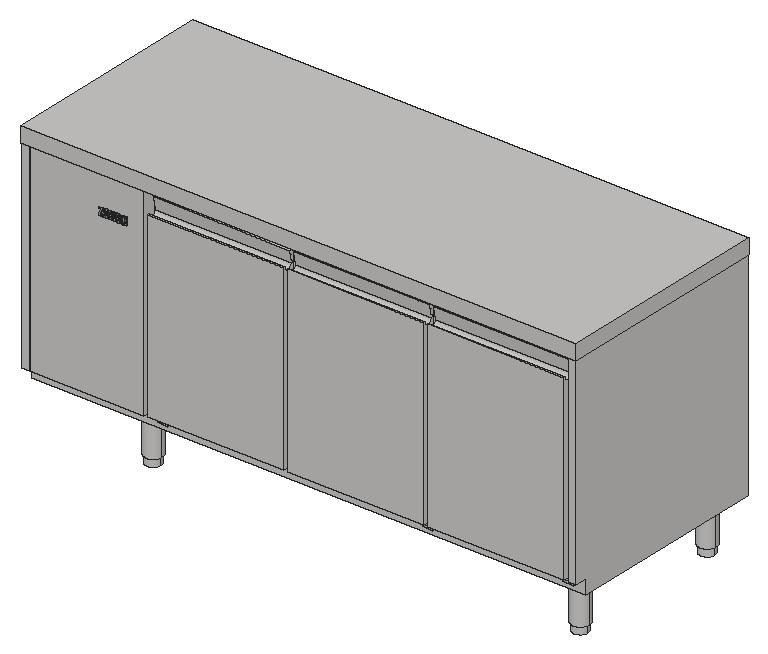
Revit family "QF_ZANUSSI_111037_ZH3HBAAA", category Specialty Equipment, Revit 2018
Family settings
  Round Connector Dimension = Use Diameter
  Part Type = Normal
  Work Plane-Based = No
  Always vertical = Yes
  Cut with Voids When Loaded = No
  Shared = No
  Room Calculation Point = No
Parameters
  Weight = 0.00 kg
  Watts = 0.0232258 W
  Volts = 220 V
  URL Manufacturer = "http://www.zanussiprofessional.com/"
  URL = "http://www.zanussiprofessional.com/"
  Steam Supply Size = 0 mm
  Steam Supply Minimum Pressure = 0.0 Pa
  Steam Supply Maximum Pressure = 0.0 Pa
  Steam Pounds per Hour = 0
  Show Logo [instance] = yes
  Show Clearance [instance] = yes
  Refrigeration Suction Line Size = 0 mm
  Refrigeration Liquid Line Size = 0 mm
  Refrigerant Compressor Remote = yes
  Manufacturer = "Zanussi"
  Phase = 1
  Model = "ZH3HBAAA"
  Length Actual = 1799 mm  # constant formula
  Item Number = "111037"
  Hot Water Size = 0 mm
  Height Actual = 900 mm  # constant formula
  HP = "0.3 HP"
  Gas Size = 0 mm
  Gas KW = 0
  Gas Input Pressure = 0 W
  Description = "3 DOORS REFRIGERATED TABLE 440L"
  Depth Actual = 700 mm  # constant formula
  Cycle = 50 Hz
  Condensate Return Size = 0 mm
  Compressed Air Volume = 0.0 L/s
  Compressed Air Size = 0 mm
  Compressed Air Pressure = 0.0 Pa
  Cold Water Size = 0 mm
  Accessory = yes
Reference planes
  plane 1 "Center X": y = 182.5
  plane 2: z = 0
  plane 3 "Center Y": x = -353.5
  plane 4: y = -62.5
  plane 5: y = 451.5
  plane 6 "BACK": y = 532.5
  plane 7 "FRONT": y = -167.5
  plane 8: x = -906
  plane 9: x = 478
  plane 10: z = 150
  plane 11 "TOP": z = 900
  plane 12: z = 850
  plane 13 "LEFT": x = -1251
  plane 14 "RIGHT": x = 544
  plane 15: x = -1253
  plane 16: x = 546
Forms (mm)
  Extrusion 1, solid, material "QF_Finishes_Stainless Steel"
    sketch origin (-353.5, 2, 0) x (0, 1, 0) y (0, 0, 1)
      loop
        line (530.5, 150) -> (530.5, 850) -> (-124.5, 850) -> (-124.5, 150) -> (530.5, 150)
    from -897.5 to 897.5
  Extrusion 2, solid, material "QF_Finishes_Stainless Steel"
    sketch origin (-1022.223, -1524, 150) x (-1, 0, 0) y (0, -1, 0)
      loop
        line (228.777, -1361.5) -> (203.777, -1361.5) -> (203.777, -1401.5) -> (228.777, -1401.5) -> (228.777, -1361.5)
      loop
        line (-1566.223, -1401.5) -> (-1541.223, -1401.5) -> (-1541.223, -1361.5) -> (-1566.223, -1361.5) -> (-1566.223, -1401.5)
    from 47 to 700
  Extrusion 3, solid, material "QF_Finishes_Stainless Steel"
    sketch origin (0, 0, 900) x (-1, 0, 0) y (0, -1, 0)
      loop
        circle (170, -94.5) r 8.45
    from -790.577 to -750
  Extrusion 4, solid, material "QF_Finishes_Stainless Steel"
    sketch origin (0, 0, 0) x (1, 0, 0) y (0, 1, 0)
      loop
        circle (-1167, 451.5) r 4
    from 109.423 to 150
  Extrusion 5, solid, material "QF_Finishes_Stainless Steel"
    sketch origin (-126.5, 0, 0) x (0, 1, 0) y (0, 0, 1)
      loop
        line (-167.5, 900) -> (-167.5, 850) -> (532.5, 850) -> (532.5, 900) -> (-167.5, 900)
    from 672.5 to -1126.5
Cuts and joins
  joined: Extrusion 1, Extrusion 2
Lines and regions (mm)
  symbolic lines, style "SpecialityEquipmentHiddenLines"
    curve 1: line (-1253, -122.5, 900) -> (546, -122.5, 900)
    curve 2: line (-850, -167.5, 900) -> (-850, -122.5, 900)
  symbolic lines, style "SpecialityEquipment"
    curve 3: line (-1253, 532.5, 900) -> (546, 532.5, 900)
    curve 4: line (-1253, 532.5, 900) -> (-1253, -167.5, 900)
    curve 5: line (-1253, -167.5, 900) -> (546, -167.5, 900)
    curve 6: line (546, -167.5, 900) -> (546, 532.5, 900)
Dimensions and locks
  locked: plane 6 "BACK" to plane 7 "FRONT" at 700
  equal spacing: plane 6 "BACK", plane 1 "Center X", plane 7 "FRONT"
  locked: plane 6 "BACK" to plane 5 at 81
  plane 10 to level = 150 mm
  plane 11 "TOP" to plane 12 to plane 10 = 50 mm locked, 700 mm locked
  locked: Extrusion 2 sketch curve to Extrusion 2 sketch curve at 25  (x2)
  locked: plane 4 to plane 7 "FRONT" at 105
  locked: plane 6 "BACK" to Extrusion 3 sketch curve at 438
  equal spacing: plane 13 "LEFT", plane 3 "Center Y", plane 14 "RIGHT"
  plane 15 to plane 16 = 1799 mm
  locked: plane 13 "LEFT" to plane 8 at 345
  locked: plane 9 to plane 14 "RIGHT" at 66
  Extrusion 3 sketch curve to plane 14 "RIGHT" = 714 mm
  plane 13 "LEFT" to Extrusion 4 sketch curve = 84 mm
  locked: plane 6 "BACK" to Extrusion 4 sketch curve at 81
  locked: plane 10 to Extrusion 4 at 40.577
  aligned and locked: level to plane 2
  aligned and locked: plane 10 to Extrusion 3
  aligned and locked: nested 4 to plane 4
  aligned and locked: nested 1 to plane 4
  aligned and locked: nested 3 to plane 5
  aligned and locked: nested 2 to plane 5
  aligned and locked: plane 8 to nested 1
  aligned and locked: plane 8 to nested 2
  aligned and locked: plane 9 to nested 4
  aligned and locked: plane 9 to nested 3
  aligned and locked: Extrusion 1 to Extrusion 2
  aligned and locked: Extrusion 2 to Extrusion 1
  aligned and locked: Extrusion 2 sketch curve to plane 14 "RIGHT"
  aligned and locked: plane 13 "LEFT" to Extrusion 2 sketch curve
  aligned and locked: cut or joined group of Extrusion 1, Extrusion 2 to plane 10
  aligned and locked: plane 12 to cut or joined group of Extrusion 1, Extrusion 2
  aligned and locked: plane 10 to Extrusion 4
Automatic sketch dimensions
  plane 7 "FRONT" to Extrusion 2 sketch curve = 45 mm  (x2)
  plane 7 "FRONT" to Extrusion 2 sketch curve = 5 mm  (x2)
  Extrusion 1 sketch curve to plane 10 = 0 mm
  Extrusion 1 sketch curve to plane 12 = 0 mm
  Extrusion 1 sketch curve to plane 6 "BACK" = 0 mm
  plane 7 "FRONT" to Extrusion 1 sketch curve = 45 mm
  Extrusion 5 sketch curve to plane 7 "FRONT" = 0 mm
  Extrusion 5 sketch curve to plane 6 "BACK" = 0 mm
  Extrusion 5 sketch curve to plane 12 = 0 mm
  Extrusion 5 sketch curve to plane 11 "TOP" = 0 mm
  curve 6 to plane 6 "BACK" = 0 mm
  curve 6 to plane 16 = 0 mm
  curve 2 to plane 7 "FRONT" = 0 mm
  curve 5 to plane 15 = 0 mm
  plane 8 to curve 2 = 56 mm
  curve 1 to curve 4 = 45 mm
  radius of Extrusion 3 sketch curve = 8.45 mm
  radius of Extrusion 4 sketch curve = 4 mm
Nested families
  nested 1: "Foot_Ø50_H150" at (-906, -62.5, 0), type "Foot_Ø50_H150"
  nested 2: "Foot_Ø50_H150" at (-906, 451.5, 0), type "Foot_Ø50_H150"
  nested 3: "Foot_Ø50_H150" at (478, 451.5, 0), type "Foot_Ø50_H150"
  nested 4: "Foot_Ø50_H150" at (478, -62.5, 0), type "Foot_Ø50_H150"
  nested 5: "Door" at (285, -164.5, 0), Show Clearance <- "Show Clearance", type "Door"
  nested 6: "Door" at (-169, -164.5, 0), Show Clearance <- "Show Clearance", type "Door"
  nested 7: "Refrigerator" at (544, -167.5, 900), type "Refrigerator"
  nested 8: "ZAN_Cooling Unit" at (-1041.5, -164.5, 0), Show Logo <- "Show Logo", type "ZAN_Cooling Unit"
  nested 9: "Door" at (-623, -164.5, 0) x (-1, 0, 0) z (0, 0, 1), Show Clearance <- "Show Clearance", type "Door"
Connectors
  electrical at (-1167, 451.5, 109.423), driven by "Volts"
    settings: on Extrusion 4, index 4, voltage 220 V, apparent load 0 VA, apparent load phase1 0 VA, apparent load phase2 0 VA, apparent load phase3 0 VA, power factor 1, load classification "Altro", number of poles 1, system type 30, power factor state 1, is connector primary yes, connector utility no, sub classification motor no, connector description "Electrical Connection"
  piping at (-170, 94.5, 109.423), diameter 17
    settings: on Extrusion 3, index 5, connector inside diameter 609.6 mm, connector length 0 mm, flow factor 0, pipe flow 0.0 L/s, pressure drop 0.0 Pa, fitting loss kfactor 0, connector angle 0.00°, fixture units 0, engagement length 0 mm, angle of deflection 0.00°, flow configuration 1, flow direction 2, fitting loss method 0, system type 16, joint type 0, gender type 0, connector reference index -1, connector utility 0, adjustable connector no, is connector primary yes, connector description "Drain"
Definition of nested family "Foot_Ø50_H150"
  Reference planes
    plane 1 "Centro (Fronte/Retro)": y = 0
    plane 2: z = 0
    plane 3 "Centro (Sinistra/Destra)": x = 0
    plane 4: z = 150
  Forms (mm)
    Revolve 1, solid
      sketch origin (255.05, 0, 608.09) x (0, 0, 1) y (-1, 0, 0)
        loop
          line (-608.09, 255.05) -> (-608.09, 230.05) -> (-583.09, 230.05) -> (-583.09, 226.05) -> (-458.09, 226.05) -> (-458.09, 255.05) -> (-608.09, 255.05)
        axis (-608.09, 255.05) -> (-458.09, 255.05)
      angle from 0 to 360
  Dimensions and locks
    locked: Revolve 1 sketch curve to Revolve 1 sketch curve at 125
    aligned and locked: level to plane 2
    aligned and locked: plane 4 to Revolve 1 sketch curve
    aligned and locked: Revolve 1 sketch curve to level
    aligned and locked: plane 3 "Centro (Sinistra/Destra)" to Revolve 1 sketch curve
Definition of nested family "Door"
  Parameters
    Show Clearance [instance] = yes
  Reference planes
    plane 1 "FRONT": y = -3
    plane 2: z = 0
    plane 3 "Centro (Sinistra/Destra)": x = 0
    plane 4: z = 150
    plane 5: z = 850
    plane 6: x = -234
    plane 7: x = 234
    plane 8: x = -220
    plane 9: x = 220
  Forms (mm)
    Extrusion 1, solid
      sketch origin (0, 53, 511) x (0, 0, 1) y (0, -1, 0)
        loop
          line (-323.003, 28.5) -> (-316.501, 28.5) -> (-316.501, 31) -> (-325.503, 31) -> (-325.503, 13.5) -> (-345.503, 13.5) -> (-345.503, 11) -> (-323.003, 11) -> (-323.003, 23.259) -> (-323.003, 28.5)
        loop
          line (-314, 27) -> (-316.501, 27) -> (-316.501, 18.501) -> (-319.752, 18.501) -> (-319.752, 16) -> (-314, 16) -> (-314, 27)
        loop
          line (315.003, 27) -> (315.003, 13.948) -> (315.003, 11) -> (327.503, 11) -> (327.503, 13.5) -> (317.503, 13.5) -> (317.503, 27) -> (315.003, 27)
      from 185 to 220
    Extrusion 2, solid, visible <- "Show Clearance", detail levels coarse
      sketch origin (0, 53, 511) x (0, -1, 0) y (1, 0, 0)
        loop
          line (51, 220) -> (51, -220)
          arc (51, -220) -> (339.234, -79.44) -> (454, 220) r 437.168
          line (454, 220) -> (51, 220)
      from -314 to 314
    Extrusion 3, solid
      sketch origin (0, 55, 511) x (0, 0, 1) y (0, -1, 0)
        loop
          line (314, 18) -> (314, 29) -> (274.395, 22.5)
          arc (274.395, 22.5) -> (260.395, 36.5) -> (274.395, 50.5) r 14
          line (274.395, 50.5) -> (274.395, 53) -> (-314, 53) -> (-314, 18) -> (314, 18)
      from -220 to 220
  Lines and regions (mm)
    symbolic lines
      curve 1: line (220, -3, 0) -> (220, -401, 0)
      curve 2: line (220, -401, 0) -> (185, -401, 0)
      curve 3: line (185, -401, 0) -> (185, -3, 0)
      curve 4: arc (-219.722, -3, 0) -> (-89.51, -275.368, 0) -> (185, -401, 0) r 442.855
  Dimensions and locks
    aligned and locked: level to plane 2
Definition of nested family "ZAN_Cooling Unit"
  Parameters
    Show Logo [instance] = yes
  Reference planes
    plane 1 "FRONT": y = -3
    plane 2: z = 0
    plane 3 "Centro (Sinistra/Destra)": x = 0
    plane 4: z = 150
    plane 5: z = 850
    plane 6: x = -184.5
    plane 7: x = 184.5
  Forms (mm)
    Extrusion 1, solid
      sketch origin (0, 55, 511) x (0, 0, 1) y (0, -1, 0)
        loop
          line (-314, 53) -> (-314, 13) -> (339, 13) -> (339, 53) -> (-314, 53)
      from -184.5 to 184.5
  Lines and regions (mm)
    Split face 1
      outline origin (0, 2, 197) x (0, 0, 1) y (-1, 0, 0)
        loop
          line (566.835, 184.5) -> (566.835, -184.5)
        loop
          line (521.835, 184.5) -> (521.835, -184.5)
    Split face 2
      outline origin (0, 2, 197) x (0, 0, 1) y (-1, 0, 0)
        loop
          arc (510.649, 158.547) -> (506.648, 162.548) -> (502.647, 158.547) r 4.001
          line (502.647, 158.547) -> (502.647, 116.535)
          arc (502.647, 116.535) -> (506.648, 112.533) -> (510.649, 116.535) r 4.001
          line (510.649, 116.535) -> (510.649, 158.547)
    Split face 3
      outline origin (0, 2, 184.996) x (0, 0, 1) y (-1, 0, 0)
        loop
          arc (510.649, 158.547) -> (506.648, 162.548) -> (502.647, 158.547) r 4.001
          line (502.647, 158.547) -> (502.647, 116.535)
          arc (502.647, 116.535) -> (506.648, 112.533) -> (510.649, 116.535) r 4.001
          line (510.649, 116.535) -> (510.649, 158.547)
    Split face 4
      outline origin (0, 2, 172.993) x (0, 0, 1) y (-1, 0, 0)
        loop
          arc (510.649, 158.547) -> (506.648, 162.548) -> (502.647, 158.547) r 4.001
          line (502.647, 158.547) -> (502.647, 116.535)
          arc (502.647, 116.535) -> (506.648, 112.533) -> (510.649, 116.535) r 4.001
          line (510.649, 116.535) -> (510.649, 158.547)
    Split face 5
      outline origin (0, 2, 160.989) x (0, 0, 1) y (-1, 0, 0)
        loop
          arc (510.649, 158.547) -> (506.648, 162.548) -> (502.647, 158.547) r 4.001
          line (502.647, 158.547) -> (502.647, 116.535)
          arc (502.647, 116.535) -> (506.648, 112.533) -> (510.649, 116.535) r 4.001
          line (510.649, 116.535) -> (510.649, 158.547)
    Split face 6
      outline origin (0, 2, 148.986) x (0, 0, 1) y (-1, 0, 0)
        loop
          arc (510.649, 158.547) -> (506.648, 162.548) -> (502.647, 158.547) r 4.001
          line (502.647, 158.547) -> (502.647, 116.535)
          arc (502.647, 116.535) -> (506.648, 112.533) -> (510.649, 116.535) r 4.001
          line (510.649, 116.535) -> (510.649, 158.547)
    Split face 7
      outline origin (0, 2, 136.982) x (0, 0, 1) y (-1, 0, 0)
        loop
          arc (510.649, 158.547) -> (506.648, 162.548) -> (502.647, 158.547) r 4.001
          line (502.647, 158.547) -> (502.647, 116.535)
          arc (502.647, 116.535) -> (506.648, 112.533) -> (510.649, 116.535) r 4.001
          line (510.649, 116.535) -> (510.649, 158.547)
    Split face 8
      outline origin (0, 2, 124.979) x (0, 0, 1) y (-1, 0, 0)
        loop
          arc (510.649, 158.547) -> (506.648, 162.548) -> (502.647, 158.547) r 4.001
          line (502.647, 158.547) -> (502.647, 116.535)
          arc (502.647, 116.535) -> (506.648, 112.533) -> (510.649, 116.535) r 4.001
          line (510.649, 116.535) -> (510.649, 158.547)
    Split face 9
      outline origin (0, 2, 112.975) x (0, 0, 1) y (-1, 0, 0)
        loop
          arc (510.649, 158.547) -> (506.648, 162.548) -> (502.647, 158.547) r 4.001
          line (502.647, 158.547) -> (502.647, 116.535)
          arc (502.647, 116.535) -> (506.648, 112.533) -> (510.649, 116.535) r 4.001
          line (510.649, 116.535) -> (510.649, 158.547)
    Split face 10
      outline origin (0, 2, 100.972) x (0, 0, 1) y (-1, 0, 0)
        loop
          arc (510.649, 158.547) -> (506.648, 162.548) -> (502.647, 158.547) r 4.001
          line (502.647, 158.547) -> (502.647, 116.535)
          arc (502.647, 116.535) -> (506.648, 112.533) -> (510.649, 116.535) r 4.001
          line (510.649, 116.535) -> (510.649, 158.547)
    Split face 11
      outline origin (0, 2, 88.968) x (0, 0, 1) y (-1, 0, 0)
        loop
          arc (510.649, 158.547) -> (506.648, 162.548) -> (502.647, 158.547) r 4.001
          line (502.647, 158.547) -> (502.647, 116.535)
          arc (502.647, 116.535) -> (506.648, 112.533) -> (510.649, 116.535) r 4.001
          line (510.649, 116.535) -> (510.649, 158.547)
    Split face 12
      outline origin (0, 2, 76.965) x (0, 0, 1) y (-1, 0, 0)
        loop
          arc (510.649, 158.547) -> (506.648, 162.548) -> (502.647, 158.547) r 4.001
          line (502.647, 158.547) -> (502.647, 116.535)
          arc (502.647, 116.535) -> (506.648, 112.533) -> (510.649, 116.535) r 4.001
          line (510.649, 116.535) -> (510.649, 158.547)
    Split face 13
      outline origin (0, 2, 64.961) x (0, 0, 1) y (-1, 0, 0)
        loop
          arc (510.649, 158.547) -> (506.648, 162.548) -> (502.647, 158.547) r 4.001
          line (502.647, 158.547) -> (502.647, 116.535)
          arc (502.647, 116.535) -> (506.648, 112.533) -> (510.649, 116.535) r 4.001
          line (510.649, 116.535) -> (510.649, 158.547)
    Split face 14
      outline origin (0, 2, 52.958) x (0, 0, 1) y (-1, 0, 0)
        loop
          arc (510.649, 158.547) -> (506.648, 162.548) -> (502.647, 158.547) r 4.001
          line (502.647, 158.547) -> (502.647, 116.535)
          arc (502.647, 116.535) -> (506.648, 112.533) -> (510.649, 116.535) r 4.001
          line (510.649, 116.535) -> (510.649, 158.547)
    Split face 15
      outline origin (0, 2, 40.954) x (0, 0, 1) y (-1, 0, 0)
        loop
          arc (510.649, 158.547) -> (506.648, 162.548) -> (502.647, 158.547) r 4.001
          line (502.647, 158.547) -> (502.647, 116.535)
          arc (502.647, 116.535) -> (506.648, 112.533) -> (510.649, 116.535) r 4.001
          line (510.649, 116.535) -> (510.649, 158.547)
    Split face 16
      outline origin (0, 2, 28.951) x (0, 0, 1) y (-1, 0, 0)
        loop
          arc (510.649, 158.547) -> (506.648, 162.548) -> (502.647, 158.547) r 4.001
          line (502.647, 158.547) -> (502.647, 116.535)
          arc (502.647, 116.535) -> (506.648, 112.533) -> (510.649, 116.535) r 4.001
          line (510.649, 116.535) -> (510.649, 158.547)
    Split face 17
      outline origin (0, 2, 16.947) x (0, 0, 1) y (-1, 0, 0)
        loop
          arc (510.649, 158.547) -> (506.648, 162.548) -> (502.647, 158.547) r 4.001
          line (502.647, 158.547) -> (502.647, 116.535)
          arc (502.647, 116.535) -> (506.648, 112.533) -> (510.649, 116.535) r 4.001
          line (510.649, 116.535) -> (510.649, 158.547)
    Split face 18
      outline origin (55.016, 2, 197) x (0, 0, 1) y (-1, 0, 0)
        loop
          arc (510.649, 158.547) -> (506.648, 162.548) -> (502.647, 158.547) r 4.001
          line (502.647, 158.547) -> (502.647, 116.535)
          arc (502.647, 116.535) -> (506.648, 112.533) -> (510.649, 116.535) r 4.001
          line (510.649, 116.535) -> (510.649, 158.547)
    Split face 19
      outline origin (55.016, 2, 184.996) x (0, 0, 1) y (-1, 0, 0)
        loop
          arc (510.649, 158.547) -> (506.648, 162.548) -> (502.647, 158.547) r 4.001
          line (502.647, 158.547) -> (502.647, 116.535)
          arc (502.647, 116.535) -> (506.648, 112.533) -> (510.649, 116.535) r 4.001
          line (510.649, 116.535) -> (510.649, 158.547)
    Split face 20
      outline origin (55.016, 2, 172.993) x (0, 0, 1) y (-1, 0, 0)
        loop
          arc (510.649, 158.547) -> (506.648, 162.548) -> (502.647, 158.547) r 4.001
          line (502.647, 158.547) -> (502.647, 116.535)
          arc (502.647, 116.535) -> (506.648, 112.533) -> (510.649, 116.535) r 4.001
          line (510.649, 116.535) -> (510.649, 158.547)
    Split face 21
      outline origin (55.016, 2, 160.989) x (0, 0, 1) y (-1, 0, 0)
        loop
          arc (510.649, 158.547) -> (506.648, 162.548) -> (502.647, 158.547) r 4.001
          line (502.647, 158.547) -> (502.647, 116.535)
          arc (502.647, 116.535) -> (506.648, 112.533) -> (510.649, 116.535) r 4.001
          line (510.649, 116.535) -> (510.649, 158.547)
    Split face 22
      outline origin (55.016, 2, 148.986) x (0, 0, 1) y (-1, 0, 0)
        loop
          arc (510.649, 158.547) -> (506.648, 162.548) -> (502.647, 158.547) r 4.001
          line (502.647, 158.547) -> (502.647, 116.535)
          arc (502.647, 116.535) -> (506.648, 112.533) -> (510.649, 116.535) r 4.001
          line (510.649, 116.535) -> (510.649, 158.547)
    Split face 23
      outline origin (55.016, 2, 136.982) x (0, 0, 1) y (-1, 0, 0)
        loop
          arc (510.649, 158.547) -> (506.648, 162.548) -> (502.647, 158.547) r 4.001
          line (502.647, 158.547) -> (502.647, 116.535)
          arc (502.647, 116.535) -> (506.648, 112.533) -> (510.649, 116.535) r 4.001
          line (510.649, 116.535) -> (510.649, 158.547)
    Split face 24
      outline origin (55.016, 2, 124.979) x (0, 0, 1) y (-1, 0, 0)
        loop
          arc (510.649, 158.547) -> (506.648, 162.548) -> (502.647, 158.547) r 4.001
          line (502.647, 158.547) -> (502.647, 116.535)
          arc (502.647, 116.535) -> (506.648, 112.533) -> (510.649, 116.535) r 4.001
          line (510.649, 116.535) -> (510.649, 158.547)
    Split face 25
      outline origin (55.016, 2, 112.975) x (0, 0, 1) y (-1, 0, 0)
        loop
          arc (510.649, 158.547) -> (506.648, 162.548) -> (502.647, 158.547) r 4.001
          line (502.647, 158.547) -> (502.647, 116.535)
          arc (502.647, 116.535) -> (506.648, 112.533) -> (510.649, 116.535) r 4.001
          line (510.649, 116.535) -> (510.649, 158.547)
    Split face 26
      outline origin (55.016, 2, 100.972) x (0, 0, 1) y (-1, 0, 0)
        loop
          arc (510.649, 158.547) -> (506.648, 162.548) -> (502.647, 158.547) r 4.001
          line (502.647, 158.547) -> (502.647, 116.535)
          arc (502.647, 116.535) -> (506.648, 112.533) -> (510.649, 116.535) r 4.001
          line (510.649, 116.535) -> (510.649, 158.547)
    Split face 27
      outline origin (55.016, 2, 88.968) x (0, 0, 1) y (-1, 0, 0)
        loop
          arc (510.649, 158.547) -> (506.648, 162.548) -> (502.647, 158.547) r 4.001
          line (502.647, 158.547) -> (502.647, 116.535)
          arc (502.647, 116.535) -> (506.648, 112.533) -> (510.649, 116.535) r 4.001
          line (510.649, 116.535) -> (510.649, 158.547)
    Split face 28
      outline origin (55.016, 2, 76.965) x (0, 0, 1) y (-1, 0, 0)
        loop
          arc (510.649, 158.547) -> (506.648, 162.548) -> (502.647, 158.547) r 4.001
          line (502.647, 158.547) -> (502.647, 116.535)
          arc (502.647, 116.535) -> (506.648, 112.533) -> (510.649, 116.535) r 4.001
          line (510.649, 116.535) -> (510.649, 158.547)
    Split face 29
      outline origin (55.016, 2, 64.961) x (0, 0, 1) y (-1, 0, 0)
        loop
          arc (510.649, 158.547) -> (506.648, 162.548) -> (502.647, 158.547) r 4.001
          line (502.647, 158.547) -> (502.647, 116.535)
          arc (502.647, 116.535) -> (506.648, 112.533) -> (510.649, 116.535) r 4.001
          line (510.649, 116.535) -> (510.649, 158.547)
    Split face 30
      outline origin (55.016, 2, 52.958) x (0, 0, 1) y (-1, 0, 0)
        loop
          arc (510.649, 158.547) -> (506.648, 162.548) -> (502.647, 158.547) r 4.001
          line (502.647, 158.547) -> (502.647, 116.535)
          arc (502.647, 116.535) -> (506.648, 112.533) -> (510.649, 116.535) r 4.001
          line (510.649, 116.535) -> (510.649, 158.547)
    Split face 31
      outline origin (55.016, 2, 40.954) x (0, 0, 1) y (-1, 0, 0)
        loop
          arc (510.649, 158.547) -> (506.648, 162.548) -> (502.647, 158.547) r 4.001
          line (502.647, 158.547) -> (502.647, 116.535)
          arc (502.647, 116.535) -> (506.648, 112.533) -> (510.649, 116.535) r 4.001
          line (510.649, 116.535) -> (510.649, 158.547)
    Split face 32
      outline origin (55.016, 2, 28.951) x (0, 0, 1) y (-1, 0, 0)
        loop
          arc (510.649, 158.547) -> (506.648, 162.548) -> (502.647, 158.547) r 4.001
          line (502.647, 158.547) -> (502.647, 116.535)
          arc (502.647, 116.535) -> (506.648, 112.533) -> (510.649, 116.535) r 4.001
          line (510.649, 116.535) -> (510.649, 158.547)
    Split face 33
      outline origin (55.016, 2, 16.947) x (0, 0, 1) y (-1, 0, 0)
        loop
          arc (510.649, 158.547) -> (506.648, 162.548) -> (502.647, 158.547) r 4.001
          line (502.647, 158.547) -> (502.647, 116.535)
          arc (502.647, 116.535) -> (506.648, 112.533) -> (510.649, 116.535) r 4.001
          line (510.649, 116.535) -> (510.649, 158.547)
    Split face 34
      outline origin (110.032, 2, 197) x (0, 0, 1) y (-1, 0, 0)
        loop
          arc (510.649, 158.547) -> (506.648, 162.548) -> (502.647, 158.547) r 4.001
          line (502.647, 158.547) -> (502.647, 116.535)
          arc (502.647, 116.535) -> (506.648, 112.533) -> (510.649, 116.535) r 4.001
          line (510.649, 116.535) -> (510.649, 158.547)
    Split face 35
      outline origin (110.032, 2, 184.996) x (0, 0, 1) y (-1, 0, 0)
        loop
          arc (510.649, 158.547) -> (506.648, 162.548) -> (502.647, 158.547) r 4.001
          line (502.647, 158.547) -> (502.647, 116.535)
          arc (502.647, 116.535) -> (506.648, 112.533) -> (510.649, 116.535) r 4.001
          line (510.649, 116.535) -> (510.649, 158.547)
    Split face 36
      outline origin (110.032, 2, 172.993) x (0, 0, 1) y (-1, 0, 0)
        loop
          arc (510.649, 158.547) -> (506.648, 162.548) -> (502.647, 158.547) r 4.001
          line (502.647, 158.547) -> (502.647, 116.535)
          arc (502.647, 116.535) -> (506.648, 112.533) -> (510.649, 116.535) r 4.001
          line (510.649, 116.535) -> (510.649, 158.547)
    Split face 37
      outline origin (110.032, 2, 160.989) x (0, 0, 1) y (-1, 0, 0)
        loop
          arc (510.649, 158.547) -> (506.648, 162.548) -> (502.647, 158.547) r 4.001
          line (502.647, 158.547) -> (502.647, 116.535)
          arc (502.647, 116.535) -> (506.648, 112.533) -> (510.649, 116.535) r 4.001
          line (510.649, 116.535) -> (510.649, 158.547)
    Split face 38
      outline origin (110.032, 2, 148.986) x (0, 0, 1) y (-1, 0, 0)
        loop
          arc (510.649, 158.547) -> (506.648, 162.548) -> (502.647, 158.547) r 4.001
          line (502.647, 158.547) -> (502.647, 116.535)
          arc (502.647, 116.535) -> (506.648, 112.533) -> (510.649, 116.535) r 4.001
          line (510.649, 116.535) -> (510.649, 158.547)
    Split face 39
      outline origin (110.032, 2, 136.982) x (0, 0, 1) y (-1, 0, 0)
        loop
          arc (510.649, 158.547) -> (506.648, 162.548) -> (502.647, 158.547) r 4.001
          line (502.647, 158.547) -> (502.647, 116.535)
          arc (502.647, 116.535) -> (506.648, 112.533) -> (510.649, 116.535) r 4.001
          line (510.649, 116.535) -> (510.649, 158.547)
    Split face 40
      outline origin (110.032, 2, 124.979) x (0, 0, 1) y (-1, 0, 0)
        loop
          arc (510.649, 158.547) -> (506.648, 162.548) -> (502.647, 158.547) r 4.001
          line (502.647, 158.547) -> (502.647, 116.535)
          arc (502.647, 116.535) -> (506.648, 112.533) -> (510.649, 116.535) r 4.001
          line (510.649, 116.535) -> (510.649, 158.547)
    Split face 41
      outline origin (110.032, 2, 112.975) x (0, 0, 1) y (-1, 0, 0)
        loop
          arc (510.649, 158.547) -> (506.648, 162.548) -> (502.647, 158.547) r 4.001
          line (502.647, 158.547) -> (502.647, 116.535)
          arc (502.647, 116.535) -> (506.648, 112.533) -> (510.649, 116.535) r 4.001
          line (510.649, 116.535) -> (510.649, 158.547)
    Split face 42
      outline origin (110.032, 2, 100.972) x (0, 0, 1) y (-1, 0, 0)
        loop
          arc (510.649, 158.547) -> (506.648, 162.548) -> (502.647, 158.547) r 4.001
          line (502.647, 158.547) -> (502.647, 116.535)
          arc (502.647, 116.535) -> (506.648, 112.533) -> (510.649, 116.535) r 4.001
          line (510.649, 116.535) -> (510.649, 158.547)
    Split face 43
      outline origin (110.032, 2, 88.968) x (0, 0, 1) y (-1, 0, 0)
        loop
          arc (510.649, 158.547) -> (506.648, 162.548) -> (502.647, 158.547) r 4.001
          line (502.647, 158.547) -> (502.647, 116.535)
          arc (502.647, 116.535) -> (506.648, 112.533) -> (510.649, 116.535) r 4.001
          line (510.649, 116.535) -> (510.649, 158.547)
    Split face 44
      outline origin (110.032, 2, 76.965) x (0, 0, 1) y (-1, 0, 0)
        loop
          arc (510.649, 158.547) -> (506.648, 162.548) -> (502.647, 158.547) r 4.001
          line (502.647, 158.547) -> (502.647, 116.535)
          arc (502.647, 116.535) -> (506.648, 112.533) -> (510.649, 116.535) r 4.001
          line (510.649, 116.535) -> (510.649, 158.547)
    Split face 45
      outline origin (110.032, 2, 64.961) x (0, 0, 1) y (-1, 0, 0)
        loop
          arc (510.649, 158.547) -> (506.648, 162.548) -> (502.647, 158.547) r 4.001
          line (502.647, 158.547) -> (502.647, 116.535)
          arc (502.647, 116.535) -> (506.648, 112.533) -> (510.649, 116.535) r 4.001
          line (510.649, 116.535) -> (510.649, 158.547)
    Split face 46
      outline origin (110.032, 2, 52.958) x (0, 0, 1) y (-1, 0, 0)
        loop
          arc (510.649, 158.547) -> (506.648, 162.548) -> (502.647, 158.547) r 4.001
          line (502.647, 158.547) -> (502.647, 116.535)
          arc (502.647, 116.535) -> (506.648, 112.533) -> (510.649, 116.535) r 4.001
          line (510.649, 116.535) -> (510.649, 158.547)
    Split face 47
      outline origin (110.032, 2, 40.954) x (0, 0, 1) y (-1, 0, 0)
        loop
          arc (510.649, 158.547) -> (506.648, 162.548) -> (502.647, 158.547) r 4.001
          line (502.647, 158.547) -> (502.647, 116.535)
          arc (502.647, 116.535) -> (506.648, 112.533) -> (510.649, 116.535) r 4.001
          line (510.649, 116.535) -> (510.649, 158.547)
    Split face 48
      outline origin (110.032, 2, 28.951) x (0, 0, 1) y (-1, 0, 0)
        loop
          arc (510.649, 158.547) -> (506.648, 162.548) -> (502.647, 158.547) r 4.001
          line (502.647, 158.547) -> (502.647, 116.535)
          arc (502.647, 116.535) -> (506.648, 112.533) -> (510.649, 116.535) r 4.001
          line (510.649, 116.535) -> (510.649, 158.547)
    Split face 49
      outline origin (110.032, 2, 16.947) x (0, 0, 1) y (-1, 0, 0)
        loop
          arc (510.649, 158.547) -> (506.648, 162.548) -> (502.647, 158.547) r 4.001
          line (502.647, 158.547) -> (502.647, 116.535)
          arc (502.647, 116.535) -> (506.648, 112.533) -> (510.649, 116.535) r 4.001
          line (510.649, 116.535) -> (510.649, 158.547)
    Split face 50
      outline origin (165.048, 2, 197) x (0, 0, 1) y (-1, 0, 0)
        loop
          arc (510.649, 158.547) -> (506.648, 162.548) -> (502.647, 158.547) r 4.001
          line (502.647, 158.547) -> (502.647, 116.535)
          arc (502.647, 116.535) -> (506.648, 112.533) -> (510.649, 116.535) r 4.001
          line (510.649, 116.535) -> (510.649, 158.547)
    Split face 51
      outline origin (165.048, 2, 184.996) x (0, 0, 1) y (-1, 0, 0)
        loop
          arc (510.649, 158.547) -> (506.648, 162.548) -> (502.647, 158.547) r 4.001
          line (502.647, 158.547) -> (502.647, 116.535)
          arc (502.647, 116.535) -> (506.648, 112.533) -> (510.649, 116.535) r 4.001
          line (510.649, 116.535) -> (510.649, 158.547)
    Split face 52
      outline origin (165.048, 2, 172.993) x (0, 0, 1) y (-1, 0, 0)
        loop
          arc (510.649, 158.547) -> (506.648, 162.548) -> (502.647, 158.547) r 4.001
          line (502.647, 158.547) -> (502.647, 116.535)
          arc (502.647, 116.535) -> (506.648, 112.533) -> (510.649, 116.535) r 4.001
          line (510.649, 116.535) -> (510.649, 158.547)
    Split face 53
      outline origin (165.048, 2, 160.989) x (0, 0, 1) y (-1, 0, 0)
        loop
          arc (510.649, 158.547) -> (506.648, 162.548) -> (502.647, 158.547) r 4.001
          line (502.647, 158.547) -> (502.647, 116.535)
          arc (502.647, 116.535) -> (506.648, 112.533) -> (510.649, 116.535) r 4.001
          line (510.649, 116.535) -> (510.649, 158.547)
    Split face 54
      outline origin (165.048, 2, 148.986) x (0, 0, 1) y (-1, 0, 0)
        loop
          arc (510.649, 158.547) -> (506.648, 162.548) -> (502.647, 158.547) r 4.001
          line (502.647, 158.547) -> (502.647, 116.535)
          arc (502.647, 116.535) -> (506.648, 112.533) -> (510.649, 116.535) r 4.001
          line (510.649, 116.535) -> (510.649, 158.547)
    Split face 55
      outline origin (165.048, 2, 136.982) x (0, 0, 1) y (-1, 0, 0)
        loop
          arc (510.649, 158.547) -> (506.648, 162.548) -> (502.647, 158.547) r 4.001
          line (502.647, 158.547) -> (502.647, 116.535)
          arc (502.647, 116.535) -> (506.648, 112.533) -> (510.649, 116.535) r 4.001
          line (510.649, 116.535) -> (510.649, 158.547)
    Split face 56
      outline origin (165.048, 2, 124.979) x (0, 0, 1) y (-1, 0, 0)
        loop
          arc (510.649, 158.547) -> (506.648, 162.548) -> (502.647, 158.547) r 4.001
          line (502.647, 158.547) -> (502.647, 116.535)
          arc (502.647, 116.535) -> (506.648, 112.533) -> (510.649, 116.535) r 4.001
          line (510.649, 116.535) -> (510.649, 158.547)
    Split face 57
      outline origin (165.048, 2, 112.975) x (0, 0, 1) y (-1, 0, 0)
        loop
          arc (510.649, 158.547) -> (506.648, 162.548) -> (502.647, 158.547) r 4.001
          line (502.647, 158.547) -> (502.647, 116.535)
          arc (502.647, 116.535) -> (506.648, 112.533) -> (510.649, 116.535) r 4.001
          line (510.649, 116.535) -> (510.649, 158.547)
    Split face 58
      outline origin (165.048, 2, 100.972) x (0, 0, 1) y (-1, 0, 0)
        loop
          arc (510.649, 158.547) -> (506.648, 162.548) -> (502.647, 158.547) r 4.001
          line (502.647, 158.547) -> (502.647, 116.535)
          arc (502.647, 116.535) -> (506.648, 112.533) -> (510.649, 116.535) r 4.001
          line (510.649, 116.535) -> (510.649, 158.547)
    Split face 59
      outline origin (165.048, 2, 88.968) x (0, 0, 1) y (-1, 0, 0)
        loop
          arc (510.649, 158.547) -> (506.648, 162.548) -> (502.647, 158.547) r 4.001
          line (502.647, 158.547) -> (502.647, 116.535)
          arc (502.647, 116.535) -> (506.648, 112.533) -> (510.649, 116.535) r 4.001
          line (510.649, 116.535) -> (510.649, 158.547)
    Split face 60
      outline origin (165.048, 2, 76.965) x (0, 0, 1) y (-1, 0, 0)
        loop
          arc (510.649, 158.547) -> (506.648, 162.548) -> (502.647, 158.547) r 4.001
          line (502.647, 158.547) -> (502.647, 116.535)
          arc (502.647, 116.535) -> (506.648, 112.533) -> (510.649, 116.535) r 4.001
          line (510.649, 116.535) -> (510.649, 158.547)
    Split face 61
      outline origin (165.048, 2, 64.961) x (0, 0, 1) y (-1, 0, 0)
        loop
          arc (510.649, 158.547) -> (506.648, 162.548) -> (502.647, 158.547) r 4.001
          line (502.647, 158.547) -> (502.647, 116.535)
          arc (502.647, 116.535) -> (506.648, 112.533) -> (510.649, 116.535) r 4.001
          line (510.649, 116.535) -> (510.649, 158.547)
    Split face 62
      outline origin (165.048, 2, 52.958) x (0, 0, 1) y (-1, 0, 0)
        loop
          arc (510.649, 158.547) -> (506.648, 162.548) -> (502.647, 158.547) r 4.001
          line (502.647, 158.547) -> (502.647, 116.535)
          arc (502.647, 116.535) -> (506.648, 112.533) -> (510.649, 116.535) r 4.001
          line (510.649, 116.535) -> (510.649, 158.547)
    Split face 63
      outline origin (165.048, 2, 40.954) x (0, 0, 1) y (-1, 0, 0)
        loop
          arc (510.649, 158.547) -> (506.648, 162.548) -> (502.647, 158.547) r 4.001
          line (502.647, 158.547) -> (502.647, 116.535)
          arc (502.647, 116.535) -> (506.648, 112.533) -> (510.649, 116.535) r 4.001
          line (510.649, 116.535) -> (510.649, 158.547)
    Split face 64
      outline origin (165.048, 2, 28.951) x (0, 0, 1) y (-1, 0, 0)
        loop
          arc (510.649, 158.547) -> (506.648, 162.548) -> (502.647, 158.547) r 4.001
          line (502.647, 158.547) -> (502.647, 116.535)
          arc (502.647, 116.535) -> (506.648, 112.533) -> (510.649, 116.535) r 4.001
          line (510.649, 116.535) -> (510.649, 158.547)
    Split face 65
      outline origin (165.048, 2, 16.947) x (0, 0, 1) y (-1, 0, 0)
        loop
          arc (510.649, 158.547) -> (506.648, 162.548) -> (502.647, 158.547) r 4.001
          line (502.647, 158.547) -> (502.647, 116.535)
          arc (502.647, 116.535) -> (506.648, 112.533) -> (510.649, 116.535) r 4.001
          line (510.649, 116.535) -> (510.649, 158.547)
    Split face 66
      outline origin (220.064, 2, 197) x (0, 0, 1) y (-1, 0, 0)
        loop
          arc (510.649, 158.547) -> (506.648, 162.548) -> (502.647, 158.547) r 4.001
          line (502.647, 158.547) -> (502.647, 116.535)
          arc (502.647, 116.535) -> (506.648, 112.533) -> (510.649, 116.535) r 4.001
          line (510.649, 116.535) -> (510.649, 158.547)
    Split face 67
      outline origin (220.064, 2, 184.996) x (0, 0, 1) y (-1, 0, 0)
        loop
          arc (510.649, 158.547) -> (506.648, 162.548) -> (502.647, 158.547) r 4.001
          line (502.647, 158.547) -> (502.647, 116.535)
          arc (502.647, 116.535) -> (506.648, 112.533) -> (510.649, 116.535) r 4.001
          line (510.649, 116.535) -> (510.649, 158.547)
    Split face 68
      outline origin (220.064, 2, 172.993) x (0, 0, 1) y (-1, 0, 0)
        loop
          arc (510.649, 158.547) -> (506.648, 162.548) -> (502.647, 158.547) r 4.001
          line (502.647, 158.547) -> (502.647, 116.535)
          arc (502.647, 116.535) -> (506.648, 112.533) -> (510.649, 116.535) r 4.001
          line (510.649, 116.535) -> (510.649, 158.547)
    Split face 69
      outline origin (220.064, 2, 160.989) x (0, 0, 1) y (-1, 0, 0)
        loop
          arc (510.649, 158.547) -> (506.648, 162.548) -> (502.647, 158.547) r 4.001
          line (502.647, 158.547) -> (502.647, 116.535)
          arc (502.647, 116.535) -> (506.648, 112.533) -> (510.649, 116.535) r 4.001
          line (510.649, 116.535) -> (510.649, 158.547)
    Split face 70
      outline origin (220.064, 2, 148.986) x (0, 0, 1) y (-1, 0, 0)
        loop
          arc (510.649, 158.547) -> (506.648, 162.548) -> (502.647, 158.547) r 4.001
          line (502.647, 158.547) -> (502.647, 116.535)
          arc (502.647, 116.535) -> (506.648, 112.533) -> (510.649, 116.535) r 4.001
          line (510.649, 116.535) -> (510.649, 158.547)
    Split face 71
      outline origin (220.064, 2, 136.982) x (0, 0, 1) y (-1, 0, 0)
        loop
          arc (510.649, 158.547) -> (506.648, 162.548) -> (502.647, 158.547) r 4.001
          line (502.647, 158.547) -> (502.647, 116.535)
          arc (502.647, 116.535) -> (506.648, 112.533) -> (510.649, 116.535) r 4.001
          line (510.649, 116.535) -> (510.649, 158.547)
    Split face 72
      outline origin (220.064, 2, 124.979) x (0, 0, 1) y (-1, 0, 0)
        loop
          arc (510.649, 158.547) -> (506.648, 162.548) -> (502.647, 158.547) r 4.001
          line (502.647, 158.547) -> (502.647, 116.535)
          arc (502.647, 116.535) -> (506.648, 112.533) -> (510.649, 116.535) r 4.001
          line (510.649, 116.535) -> (510.649, 158.547)
    Split face 73
      outline origin (220.064, 2, 112.975) x (0, 0, 1) y (-1, 0, 0)
        loop
          arc (510.649, 158.547) -> (506.648, 162.548) -> (502.647, 158.547) r 4.001
          line (502.647, 158.547) -> (502.647, 116.535)
          arc (502.647, 116.535) -> (506.648, 112.533) -> (510.649, 116.535) r 4.001
          line (510.649, 116.535) -> (510.649, 158.547)
    Split face 74
      outline origin (220.064, 2, 100.972) x (0, 0, 1) y (-1, 0, 0)
        loop
          arc (510.649, 158.547) -> (506.648, 162.548) -> (502.647, 158.547) r 4.001
          line (502.647, 158.547) -> (502.647, 116.535)
          arc (502.647, 116.535) -> (506.648, 112.533) -> (510.649, 116.535) r 4.001
          line (510.649, 116.535) -> (510.649, 158.547)
    Split face 75
      outline origin (220.064, 2, 88.968) x (0, 0, 1) y (-1, 0, 0)
        loop
          arc (510.649, 158.547) -> (506.648, 162.548) -> (502.647, 158.547) r 4.001
          line (502.647, 158.547) -> (502.647, 116.535)
          arc (502.647, 116.535) -> (506.648, 112.533) -> (510.649, 116.535) r 4.001
          line (510.649, 116.535) -> (510.649, 158.547)
    Split face 76
      outline origin (220.064, 2, 76.965) x (0, 0, 1) y (-1, 0, 0)
        loop
          arc (510.649, 158.547) -> (506.648, 162.548) -> (502.647, 158.547) r 4.001
          line (502.647, 158.547) -> (502.647, 116.535)
          arc (502.647, 116.535) -> (506.648, 112.533) -> (510.649, 116.535) r 4.001
          line (510.649, 116.535) -> (510.649, 158.547)
    Split face 77
      outline origin (220.064, 2, 64.961) x (0, 0, 1) y (-1, 0, 0)
        loop
          arc (510.649, 158.547) -> (506.648, 162.548) -> (502.647, 158.547) r 4.001
          line (502.647, 158.547) -> (502.647, 116.535)
          arc (502.647, 116.535) -> (506.648, 112.533) -> (510.649, 116.535) r 4.001
          line (510.649, 116.535) -> (510.649, 158.547)
    Split face 78
      outline origin (220.064, 2, 52.958) x (0, 0, 1) y (-1, 0, 0)
        loop
          arc (510.649, 158.547) -> (506.648, 162.548) -> (502.647, 158.547) r 4.001
          line (502.647, 158.547) -> (502.647, 116.535)
          arc (502.647, 116.535) -> (506.648, 112.533) -> (510.649, 116.535) r 4.001
          line (510.649, 116.535) -> (510.649, 158.547)
    Split face 79
      outline origin (220.064, 2, 40.954) x (0, 0, 1) y (-1, 0, 0)
        loop
          arc (510.649, 158.547) -> (506.648, 162.548) -> (502.647, 158.547) r 4.001
          line (502.647, 158.547) -> (502.647, 116.535)
          arc (502.647, 116.535) -> (506.648, 112.533) -> (510.649, 116.535) r 4.001
          line (510.649, 116.535) -> (510.649, 158.547)
    Split face 80
      outline origin (220.064, 2, 28.951) x (0, 0, 1) y (-1, 0, 0)
        loop
          arc (510.649, 158.547) -> (506.648, 162.548) -> (502.647, 158.547) r 4.001
          line (502.647, 158.547) -> (502.647, 116.535)
          arc (502.647, 116.535) -> (506.648, 112.533) -> (510.649, 116.535) r 4.001
          line (510.649, 116.535) -> (510.649, 158.547)
    Split face 81
      outline origin (220.064, 2, 16.947) x (0, 0, 1) y (-1, 0, 0)
        loop
          arc (510.649, 158.547) -> (506.648, 162.548) -> (502.647, 158.547) r 4.001
          line (502.647, 158.547) -> (502.647, 116.535)
          arc (502.647, 116.535) -> (506.648, 112.533) -> (510.649, 116.535) r 4.001
          line (510.649, 116.535) -> (510.649, 158.547)
    Split face 82
      outline origin (275.081, 2, 197) x (0, 0, 1) y (-1, 0, 0)
        loop
          arc (510.649, 158.547) -> (506.648, 162.548) -> (502.647, 158.547) r 4.001
          line (502.647, 158.547) -> (502.647, 116.535)
          arc (502.647, 116.535) -> (506.648, 112.533) -> (510.649, 116.535) r 4.001
          line (510.649, 116.535) -> (510.649, 158.547)
    Split face 83
      outline origin (275.081, 2, 184.996) x (0, 0, 1) y (-1, 0, 0)
        loop
          arc (510.649, 158.547) -> (506.648, 162.548) -> (502.647, 158.547) r 4.001
          line (502.647, 158.547) -> (502.647, 116.535)
          arc (502.647, 116.535) -> (506.648, 112.533) -> (510.649, 116.535) r 4.001
          line (510.649, 116.535) -> (510.649, 158.547)
    Split face 84
      outline origin (275.081, 2, 172.993) x (0, 0, 1) y (-1, 0, 0)
        loop
          arc (510.649, 158.547) -> (506.648, 162.548) -> (502.647, 158.547) r 4.001
          line (502.647, 158.547) -> (502.647, 116.535)
          arc (502.647, 116.535) -> (506.648, 112.533) -> (510.649, 116.535) r 4.001
          line (510.649, 116.535) -> (510.649, 158.547)
    Split face 85
      outline origin (275.081, 2, 160.989) x (0, 0, 1) y (-1, 0, 0)
        loop
          arc (510.649, 158.547) -> (506.648, 162.548) -> (502.647, 158.547) r 4.001
          line (502.647, 158.547) -> (502.647, 116.535)
          arc (502.647, 116.535) -> (506.648, 112.533) -> (510.649, 116.535) r 4.001
          line (510.649, 116.535) -> (510.649, 158.547)
    Split face 86
      outline origin (275.081, 2, 148.986) x (0, 0, 1) y (-1, 0, 0)
        loop
          arc (510.649, 158.547) -> (506.648, 162.548) -> (502.647, 158.547) r 4.001
          line (502.647, 158.547) -> (502.647, 116.535)
          arc (502.647, 116.535) -> (506.648, 112.533) -> (510.649, 116.535) r 4.001
          line (510.649, 116.535) -> (510.649, 158.547)
    Split face 87
      outline origin (275.081, 2, 136.982) x (0, 0, 1) y (-1, 0, 0)
        loop
          arc (510.649, 158.547) -> (506.648, 162.548) -> (502.647, 158.547) r 4.001
          line (502.647, 158.547) -> (502.647, 116.535)
          arc (502.647, 116.535) -> (506.648, 112.533) -> (510.649, 116.535) r 4.001
          line (510.649, 116.535) -> (510.649, 158.547)
    Split face 88
      outline origin (275.081, 2, 124.979) x (0, 0, 1) y (-1, 0, 0)
        loop
          arc (510.649, 158.547) -> (506.648, 162.548) -> (502.647, 158.547) r 4.001
          line (502.647, 158.547) -> (502.647, 116.535)
          arc (502.647, 116.535) -> (506.648, 112.533) -> (510.649, 116.535) r 4.001
          line (510.649, 116.535) -> (510.649, 158.547)
    Split face 89
      outline origin (275.081, 2, 112.975) x (0, 0, 1) y (-1, 0, 0)
        loop
          arc (510.649, 158.547) -> (506.648, 162.548) -> (502.647, 158.547) r 4.001
          line (502.647, 158.547) -> (502.647, 116.535)
          arc (502.647, 116.535) -> (506.648, 112.533) -> (510.649, 116.535) r 4.001
          line (510.649, 116.535) -> (510.649, 158.547)
    Split face 90
      outline origin (275.081, 2, 100.972) x (0, 0, 1) y (-1, 0, 0)
        loop
          arc (510.649, 158.547) -> (506.648, 162.548) -> (502.647, 158.547) r 4.001
          line (502.647, 158.547) -> (502.647, 116.535)
          arc (502.647, 116.535) -> (506.648, 112.533) -> (510.649, 116.535) r 4.001
          line (510.649, 116.535) -> (510.649, 158.547)
    Split face 91
      outline origin (275.081, 2, 88.968) x (0, 0, 1) y (-1, 0, 0)
        loop
          arc (510.649, 158.547) -> (506.648, 162.548) -> (502.647, 158.547) r 4.001
          line (502.647, 158.547) -> (502.647, 116.535)
          arc (502.647, 116.535) -> (506.648, 112.533) -> (510.649, 116.535) r 4.001
          line (510.649, 116.535) -> (510.649, 158.547)
    Split face 92
      outline origin (275.081, 2, 76.965) x (0, 0, 1) y (-1, 0, 0)
        loop
          arc (510.649, 158.547) -> (506.648, 162.548) -> (502.647, 158.547) r 4.001
          line (502.647, 158.547) -> (502.647, 116.535)
          arc (502.647, 116.535) -> (506.648, 112.533) -> (510.649, 116.535) r 4.001
          line (510.649, 116.535) -> (510.649, 158.547)
    Split face 93
      outline origin (275.081, 2, 64.961) x (0, 0, 1) y (-1, 0, 0)
        loop
          arc (510.649, 158.547) -> (506.648, 162.548) -> (502.647, 158.547) r 4.001
          line (502.647, 158.547) -> (502.647, 116.535)
          arc (502.647, 116.535) -> (506.648, 112.533) -> (510.649, 116.535) r 4.001
          line (510.649, 116.535) -> (510.649, 158.547)
    Split face 94
      outline origin (275.081, 2, 52.958) x (0, 0, 1) y (-1, 0, 0)
        loop
          arc (510.649, 158.547) -> (506.648, 162.548) -> (502.647, 158.547) r 4.001
          line (502.647, 158.547) -> (502.647, 116.535)
          arc (502.647, 116.535) -> (506.648, 112.533) -> (510.649, 116.535) r 4.001
          line (510.649, 116.535) -> (510.649, 158.547)
    Split face 95
      outline origin (275.081, 2, 40.954) x (0, 0, 1) y (-1, 0, 0)
        loop
          arc (510.649, 158.547) -> (506.648, 162.548) -> (502.647, 158.547) r 4.001
          line (502.647, 158.547) -> (502.647, 116.535)
          arc (502.647, 116.535) -> (506.648, 112.533) -> (510.649, 116.535) r 4.001
          line (510.649, 116.535) -> (510.649, 158.547)
    Split face 96
      outline origin (275.081, 2, 28.951) x (0, 0, 1) y (-1, 0, 0)
        loop
          arc (510.649, 158.547) -> (506.648, 162.548) -> (502.647, 158.547) r 4.001
          line (502.647, 158.547) -> (502.647, 116.535)
          arc (502.647, 116.535) -> (506.648, 112.533) -> (510.649, 116.535) r 4.001
          line (510.649, 116.535) -> (510.649, 158.547)
    Split face 97
      outline origin (275.081, 2, 16.947) x (0, 0, 1) y (-1, 0, 0)
        loop
          arc (510.649, 158.547) -> (506.648, 162.548) -> (502.647, 158.547) r 4.001
          line (502.647, 158.547) -> (502.647, 116.535)
          arc (502.647, 116.535) -> (506.648, 112.533) -> (510.649, 116.535) r 4.001
          line (510.649, 116.535) -> (510.649, 158.547)
    Split face 98
      outline origin (0, 2, -113.091) x (0, 0, 1) y (-1, 0, 0)
        loop
          arc (510.649, 158.547) -> (506.648, 162.548) -> (502.647, 158.547) r 4.001
          line (502.647, 158.547) -> (502.647, 116.535)
          arc (502.647, 116.535) -> (506.648, 112.533) -> (510.649, 116.535) r 4.001
          line (510.649, 116.535) -> (510.649, 158.547)
    Split face 99
      outline origin (0, 2, -125.094) x (0, 0, 1) y (-1, 0, 0)
        loop
          arc (510.649, 158.547) -> (506.648, 162.548) -> (502.647, 158.547) r 4.001
          line (502.647, 158.547) -> (502.647, 116.535)
          arc (502.647, 116.535) -> (506.648, 112.533) -> (510.649, 116.535) r 4.001
          line (510.649, 116.535) -> (510.649, 158.547)
    Split face 100
      outline origin (0, 2, -137.098) x (0, 0, 1) y (-1, 0, 0)
        loop
          arc (510.649, 158.547) -> (506.648, 162.548) -> (502.647, 158.547) r 4.001
          line (502.647, 158.547) -> (502.647, 116.535)
          arc (502.647, 116.535) -> (506.648, 112.533) -> (510.649, 116.535) r 4.001
          line (510.649, 116.535) -> (510.649, 158.547)
    Split face 101
      outline origin (0, 2, -149.101) x (0, 0, 1) y (-1, 0, 0)
        loop
          arc (510.649, 158.547) -> (506.648, 162.548) -> (502.647, 158.547) r 4.001
          line (502.647, 158.547) -> (502.647, 116.535)
          arc (502.647, 116.535) -> (506.648, 112.533) -> (510.649, 116.535) r 4.001
          line (510.649, 116.535) -> (510.649, 158.547)
    Split face 102
      outline origin (0, 2, -161.105) x (0, 0, 1) y (-1, 0, 0)
        loop
          arc (510.649, 158.547) -> (506.648, 162.548) -> (502.647, 158.547) r 4.001
          line (502.647, 158.547) -> (502.647, 116.535)
          arc (502.647, 116.535) -> (506.648, 112.533) -> (510.649, 116.535) r 4.001
          line (510.649, 116.535) -> (510.649, 158.547)
    Split face 103
      outline origin (0, 2, -173.108) x (0, 0, 1) y (-1, 0, 0)
        loop
          arc (510.649, 158.547) -> (506.648, 162.548) -> (502.647, 158.547) r 4.001
          line (502.647, 158.547) -> (502.647, 116.535)
          arc (502.647, 116.535) -> (506.648, 112.533) -> (510.649, 116.535) r 4.001
          line (510.649, 116.535) -> (510.649, 158.547)
    Split face 104
      outline origin (0, 2, -185.112) x (0, 0, 1) y (-1, 0, 0)
        loop
          arc (510.649, 158.547) -> (506.648, 162.548) -> (502.647, 158.547) r 4.001
          line (502.647, 158.547) -> (502.647, 116.535)
          arc (502.647, 116.535) -> (506.648, 112.533) -> (510.649, 116.535) r 4.001
          line (510.649, 116.535) -> (510.649, 158.547)
    Split face 105
      outline origin (0, 2, -197.115) x (0, 0, 1) y (-1, 0, 0)
        loop
          arc (510.649, 158.547) -> (506.648, 162.548) -> (502.647, 158.547) r 4.001
          line (502.647, 158.547) -> (502.647, 116.535)
          arc (502.647, 116.535) -> (506.648, 112.533) -> (510.649, 116.535) r 4.001
          line (510.649, 116.535) -> (510.649, 158.547)
    Split face 106
      outline origin (0, 2, -209.119) x (0, 0, 1) y (-1, 0, 0)
        loop
          arc (510.649, 158.547) -> (506.648, 162.548) -> (502.647, 158.547) r 4.001
          line (502.647, 158.547) -> (502.647, 116.535)
          arc (502.647, 116.535) -> (506.648, 112.533) -> (510.649, 116.535) r 4.001
          line (510.649, 116.535) -> (510.649, 158.547)
    Split face 107
      outline origin (0, 2, -221.122) x (0, 0, 1) y (-1, 0, 0)
        loop
          arc (510.649, 158.547) -> (506.648, 162.548) -> (502.647, 158.547) r 4.001
          line (502.647, 158.547) -> (502.647, 116.535)
          arc (502.647, 116.535) -> (506.648, 112.533) -> (510.649, 116.535) r 4.001
          line (510.649, 116.535) -> (510.649, 158.547)
    Split face 108
      outline origin (0, 2, -233.126) x (0, 0, 1) y (-1, 0, 0)
        loop
          arc (510.649, 158.547) -> (506.648, 162.548) -> (502.647, 158.547) r 4.001
          line (502.647, 158.547) -> (502.647, 116.535)
          arc (502.647, 116.535) -> (506.648, 112.533) -> (510.649, 116.535) r 4.001
          line (510.649, 116.535) -> (510.649, 158.547)
    Split face 109
      outline origin (0, 2, -245.129) x (0, 0, 1) y (-1, 0, 0)
        loop
          arc (510.649, 158.547) -> (506.648, 162.548) -> (502.647, 158.547) r 4.001
          line (502.647, 158.547) -> (502.647, 116.535)
          arc (502.647, 116.535) -> (506.648, 112.533) -> (510.649, 116.535) r 4.001
          line (510.649, 116.535) -> (510.649, 158.547)
    Split face 110
      outline origin (0, 2, -257.133) x (0, 0, 1) y (-1, 0, 0)
        loop
          arc (510.649, 158.547) -> (506.648, 162.548) -> (502.647, 158.547) r 4.001
          line (502.647, 158.547) -> (502.647, 116.535)
          arc (502.647, 116.535) -> (506.648, 112.533) -> (510.649, 116.535) r 4.001
          line (510.649, 116.535) -> (510.649, 158.547)
    Split face 111
      outline origin (0, 2, -269.136) x (0, 0, 1) y (-1, 0, 0)
        loop
          arc (510.649, 158.547) -> (506.648, 162.548) -> (502.647, 158.547) r 4.001
          line (502.647, 158.547) -> (502.647, 116.535)
          arc (502.647, 116.535) -> (506.648, 112.533) -> (510.649, 116.535) r 4.001
          line (510.649, 116.535) -> (510.649, 158.547)
    Split face 112
      outline origin (0, 2, -281.14) x (0, 0, 1) y (-1, 0, 0)
        loop
          arc (510.649, 158.547) -> (506.648, 162.548) -> (502.647, 158.547) r 4.001
          line (502.647, 158.547) -> (502.647, 116.535)
          arc (502.647, 116.535) -> (506.648, 112.533) -> (510.649, 116.535) r 4.001
          line (510.649, 116.535) -> (510.649, 158.547)
    Split face 113
      outline origin (0, 2, -293.144) x (0, 0, 1) y (-1, 0, 0)
        loop
          arc (510.649, 158.547) -> (506.648, 162.548) -> (502.647, 158.547) r 4.001
          line (502.647, 158.547) -> (502.647, 116.535)
          arc (502.647, 116.535) -> (506.648, 112.533) -> (510.649, 116.535) r 4.001
          line (510.649, 116.535) -> (510.649, 158.547)
    Split face 114
      outline origin (55.016, 2, -113.091) x (0, 0, 1) y (-1, 0, 0)
        loop
          arc (510.649, 158.547) -> (506.648, 162.548) -> (502.647, 158.547) r 4.001
          line (502.647, 158.547) -> (502.647, 116.535)
          arc (502.647, 116.535) -> (506.648, 112.533) -> (510.649, 116.535) r 4.001
          line (510.649, 116.535) -> (510.649, 158.547)
    Split face 115
      outline origin (55.016, 2, -125.094) x (0, 0, 1) y (-1, 0, 0)
        loop
          arc (510.649, 158.547) -> (506.648, 162.548) -> (502.647, 158.547) r 4.001
          line (502.647, 158.547) -> (502.647, 116.535)
          arc (502.647, 116.535) -> (506.648, 112.533) -> (510.649, 116.535) r 4.001
          line (510.649, 116.535) -> (510.649, 158.547)
    Split face 116
      outline origin (55.016, 2, -137.098) x (0, 0, 1) y (-1, 0, 0)
        loop
          arc (510.649, 158.547) -> (506.648, 162.548) -> (502.647, 158.547) r 4.001
          line (502.647, 158.547) -> (502.647, 116.535)
          arc (502.647, 116.535) -> (506.648, 112.533) -> (510.649, 116.535) r 4.001
          line (510.649, 116.535) -> (510.649, 158.547)
    Split face 117
      outline origin (55.016, 2, -149.101) x (0, 0, 1) y (-1, 0, 0)
        loop
          arc (510.649, 158.547) -> (506.648, 162.548) -> (502.647, 158.547) r 4.001
          line (502.647, 158.547) -> (502.647, 116.535)
          arc (502.647, 116.535) -> (506.648, 112.533) -> (510.649, 116.535) r 4.001
          line (510.649, 116.535) -> (510.649, 158.547)
    Split face 118
      outline origin (55.016, 2, -161.105) x (0, 0, 1) y (-1, 0, 0)
        loop
          arc (510.649, 158.547) -> (506.648, 162.548) -> (502.647, 158.547) r 4.001
          line (502.647, 158.547) -> (502.647, 116.535)
          arc (502.647, 116.535) -> (506.648, 112.533) -> (510.649, 116.535) r 4.001
          line (510.649, 116.535) -> (510.649, 158.547)
    Split face 119
      outline origin (55.016, 2, -173.108) x (0, 0, 1) y (-1, 0, 0)
        loop
          arc (510.649, 158.547) -> (506.648, 162.548) -> (502.647, 158.547) r 4.001
          line (502.647, 158.547) -> (502.647, 116.535)
          arc (502.647, 116.535) -> (506.648, 112.533) -> (510.649, 116.535) r 4.001
          line (510.649, 116.535) -> (510.649, 158.547)
    Split face 120
      outline origin (55.016, 2, -185.112) x (0, 0, 1) y (-1, 0, 0)
        loop
          arc (510.649, 158.547) -> (506.648, 162.548) -> (502.647, 158.547) r 4.001
          line (502.647, 158.547) -> (502.647, 116.535)
          arc (502.647, 116.535) -> (506.648, 112.533) -> (510.649, 116.535) r 4.001
          line (510.649, 116.535) -> (510.649, 158.547)
    Split face 121
      outline origin (55.016, 2, -197.115) x (0, 0, 1) y (-1, 0, 0)
        loop
          arc (510.649, 158.547) -> (506.648, 162.548) -> (502.647, 158.547) r 4.001
          line (502.647, 158.547) -> (502.647, 116.535)
          arc (502.647, 116.535) -> (506.648, 112.533) -> (510.649, 116.535) r 4.001
          line (510.649, 116.535) -> (510.649, 158.547)
    Split face 122
      outline origin (55.016, 2, -209.119) x (0, 0, 1) y (-1, 0, 0)
        loop
          arc (510.649, 158.547) -> (506.648, 162.548) -> (502.647, 158.547) r 4.001
          line (502.647, 158.547) -> (502.647, 116.535)
          arc (502.647, 116.535) -> (506.648, 112.533) -> (510.649, 116.535) r 4.001
          line (510.649, 116.535) -> (510.649, 158.547)
    Split face 123
      outline origin (55.016, 2, -221.122) x (0, 0, 1) y (-1, 0, 0)
        loop
          arc (510.649, 158.547) -> (506.648, 162.548) -> (502.647, 158.547) r 4.001
          line (502.647, 158.547) -> (502.647, 116.535)
          arc (502.647, 116.535) -> (506.648, 112.533) -> (510.649, 116.535) r 4.001
          line (510.649, 116.535) -> (510.649, 158.547)
    Split face 124
      outline origin (55.016, 2, -233.126) x (0, 0, 1) y (-1, 0, 0)
        loop
          arc (510.649, 158.547) -> (506.648, 162.548) -> (502.647, 158.547) r 4.001
          line (502.647, 158.547) -> (502.647, 116.535)
          arc (502.647, 116.535) -> (506.648, 112.533) -> (510.649, 116.535) r 4.001
          line (510.649, 116.535) -> (510.649, 158.547)
    Split face 125
      outline origin (55.016, 2, -245.129) x (0, 0, 1) y (-1, 0, 0)
        loop
          arc (510.649, 158.547) -> (506.648, 162.548) -> (502.647, 158.547) r 4.001
          line (502.647, 158.547) -> (502.647, 116.535)
          arc (502.647, 116.535) -> (506.648, 112.533) -> (510.649, 116.535) r 4.001
          line (510.649, 116.535) -> (510.649, 158.547)
    Split face 126
      outline origin (55.016, 2, -257.133) x (0, 0, 1) y (-1, 0, 0)
        loop
          arc (510.649, 158.547) -> (506.648, 162.548) -> (502.647, 158.547) r 4.001
          line (502.647, 158.547) -> (502.647, 116.535)
          arc (502.647, 116.535) -> (506.648, 112.533) -> (510.649, 116.535) r 4.001
          line (510.649, 116.535) -> (510.649, 158.547)
    Split face 127
      outline origin (55.016, 2, -269.136) x (0, 0, 1) y (-1, 0, 0)
        loop
          arc (510.649, 158.547) -> (506.648, 162.548) -> (502.647, 158.547) r 4.001
          line (502.647, 158.547) -> (502.647, 116.535)
          arc (502.647, 116.535) -> (506.648, 112.533) -> (510.649, 116.535) r 4.001
          line (510.649, 116.535) -> (510.649, 158.547)
    Split face 128
      outline origin (55.016, 2, -281.14) x (0, 0, 1) y (-1, 0, 0)
        loop
          arc (510.649, 158.547) -> (506.648, 162.548) -> (502.647, 158.547) r 4.001
          line (502.647, 158.547) -> (502.647, 116.535)
          arc (502.647, 116.535) -> (506.648, 112.533) -> (510.649, 116.535) r 4.001
          line (510.649, 116.535) -> (510.649, 158.547)
    Split face 129
      outline origin (55.016, 2, -293.144) x (0, 0, 1) y (-1, 0, 0)
        loop
          arc (510.649, 158.547) -> (506.648, 162.548) -> (502.647, 158.547) r 4.001
          line (502.647, 158.547) -> (502.647, 116.535)
          arc (502.647, 116.535) -> (506.648, 112.533) -> (510.649, 116.535) r 4.001
          line (510.649, 116.535) -> (510.649, 158.547)
    Split face 130
      outline origin (110.032, 2, -113.091) x (0, 0, 1) y (-1, 0, 0)
        loop
          arc (510.649, 158.547) -> (506.648, 162.548) -> (502.647, 158.547) r 4.001
          line (502.647, 158.547) -> (502.647, 116.535)
          arc (502.647, 116.535) -> (506.648, 112.533) -> (510.649, 116.535) r 4.001
          line (510.649, 116.535) -> (510.649, 158.547)
